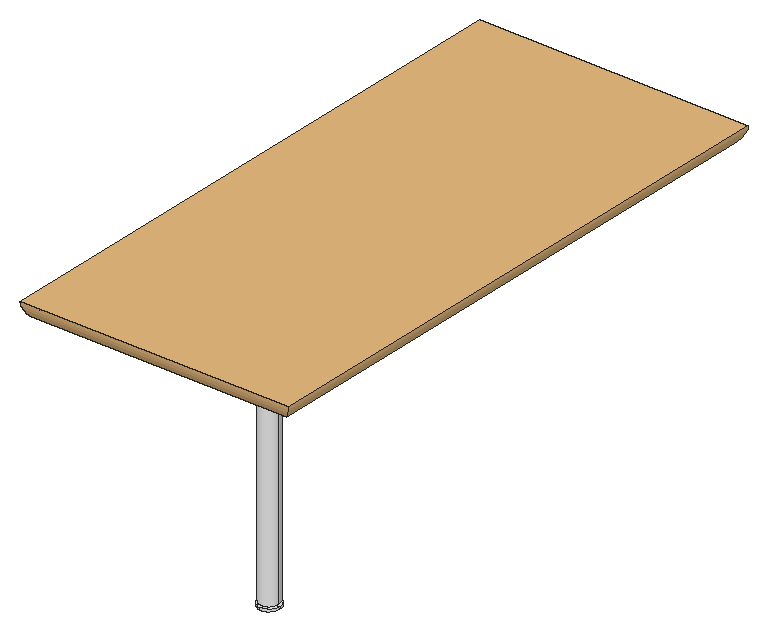
Revit family
Parameters (values of type "700x1500x750mm")
  Manufacturer = ""
  Model = ""
  상단 면 재료 = 새눈 단풍나무
  다리 재료 = 금속 - 크롬(2)
  폭 = 700 mm
  높이 = 750 mm
  깊이 = 1500 mm
Types (4, lengths in mm): name | 폭 | 깊이
  (no name) | 700 | 1500
  600x1200x750mm | 600 | 1200
  700x1400x750mm | 700 | 1400
  700x1500x750mm | 700 | 1500
Reference planes
  plane 1 "중심(앞/뒤)": y = 0
  plane 2: z = 0
  plane 3 "중심(왼쪽/오른쪽)": x = 0
  plane 4: x = -350
  plane 5: x = 350
  plane 6: y = 750
  plane 7: y = -750
  plane 8: z = 750
  plane 9: z = 714
  plane 10: z = 674
  plane 11: z = 20
  plane 12: y = -375
Forms (mm)
  Extrusion 1, solid, material "새눈 단풍나무" <- "상단 면 재료"
    sketch origin (0, 0, 0) x (1, 0, 0) y (0, 1, 0)
      loop
        line (-350, 750) -> (-350, -750) -> (350, -750) -> (350, 750) -> (-350, 750)
    from 714 to 750
  Sweep 2, void
    path origin (0, 0, 0) x (1, 0, 0) y (0, 1, 0)
      loop
        line (-350, 750) -> (-350, -750) -> (350, -750) -> (350, 750) -> (-350, 750)
    profile origin (0, 0, 0) x (1, 0, 0) y (0, 0, 1)
      loop
        arc (-334, 714) -> (-345.393, 730.492) -> (-350, 750) r 54.108
        line (-350, 750) -> (-350, 714) -> (-334, 714)
  Revolve 3, solid, material "금속 - 크롬(2)" <- "다리 재료"
    sketch origin (0, -375, 0) x (1, 0, 0) y (0, 0, -1)
      loop
        line (0, -714) -> (28.734, -714) -> (28.734, -709) -> (12.173, -709) -> (12.173, -674) -> (24.804, -674) -> (24.804, -10) -> (15.361, -10) -> (15.361, -5) -> (27.822, -5) -> (27.822, 0) -> (0, 0) -> (0, -714)
      axis (0, -714) -> (0, 0)
    angle from 0 to 360
Cuts and joins
  Sweep 2 cuts Extrusion 1
Dimensions and locks
  "폭": plane 4 to plane 5
  "깊이": plane 7 to plane 6
  "높이": plane 8 to level
  equal spacing: plane 7, plane 1 "중심(앞/뒤)", plane 6
  equal spacing: plane 4, plane 3 "중심(왼쪽/오른쪽)", plane 5
  equal spacing: plane 7, plane 12, plane 1 "중심(앞/뒤)"
  locked: plane 8 to plane 9 at 36
  locked: plane 9 to plane 10 at 40
  aligned and locked: Revolve 3 sketch curve to plane 3 "중심(왼쪽/오른쪽)"
  aligned and locked: plane 12 to Revolve 3
  aligned and locked: plane 9 to Sweep 2 sketch curve
  aligned and locked: plane 4 to Sweep 2 sketch curve
  aligned and locked: Extrusion 1 to plane 8
  aligned and locked: plane 9 to Extrusion 1
  aligned and locked: plane 10 to Revolve 3 sketch curve
Automatic sketch dimensions
  Extrusion 1 sketch curve to plane 4 = 0 mm
  Extrusion 1 sketch curve to plane 5 = 0 mm
  Extrusion 1 sketch curve to plane 7 = 0 mm
  Extrusion 1 sketch curve to plane 6 = 0 mm
  Sweep 2 sketch curve to plane 4 = 0 mm
  Sweep 2 sketch curve to plane 5 = 0 mm
  Sweep 2 sketch curve to plane 7 = 0 mm
  Sweep 2 sketch curve to plane 6 = 0 mm
  Sweep 2 sketch curve to Sweep 2 sketch curve = 16 mm
  Sweep 2 sketch curve to profile plane = 54.052 mm
  Sweep 2 sketch curve to Sweep 2 sketch curve = 36 mm
  Revolve 3 sketch curve to plane 3 "중심(왼쪽/오른쪽)" = 0 mm
  Revolve 3 sketch curve to level = 0 mm
  Revolve 3 sketch curve to plane 9 = 0 mm
  plane 9 to Revolve 3 sketch curve = 5 mm
  plane 3 "중심(왼쪽/오른쪽)" to Revolve 3 sketch curve = 12.173 mm
  plane 3 "중심(왼쪽/오른쪽)" to Revolve 3 sketch curve = 15.361 mm
  Revolve 3 sketch curve to Revolve 3 sketch curve = 9.443 mm
  Revolve 3 sketch curve to Revolve 3 sketch curve = 3.018 mm
  Revolve 3 sketch curve to Revolve 3 sketch curve = 16.561 mm
  Revolve 3 sketch curve to plane 8 = 160 mm
  level to Revolve 3 sketch curve = 10 mm
  level to Revolve 3 sketch curve = 5 mm
  Revolve 3 sketch curve to level = 210 mm
